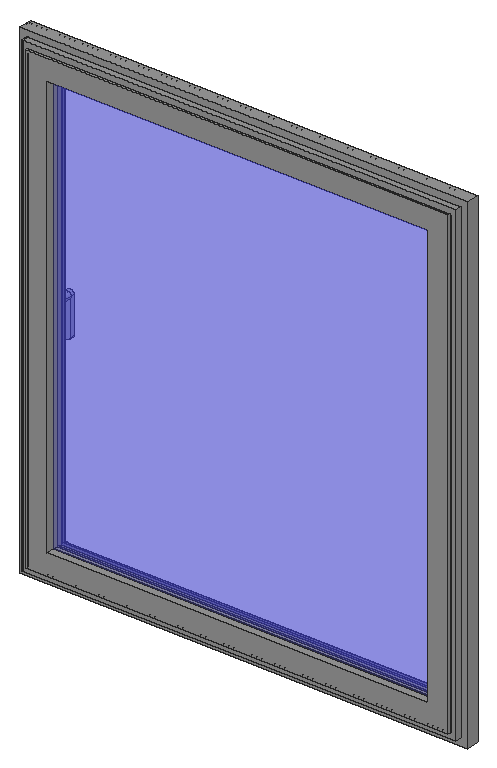
Revit family "Parallel Opening 501.10. 122 - 123", category Windows, Revit 2014
Parameters
  width [instance] = 144.000 cm
  w [instance] = width + 2 * [left/right offset from mullion]  # 147.000 cm
  top/bottom offset from mullion [instance] = 1.500 cm
  left/right offset from mullion [instance] = 1.500 cm
  height [instance] = 158.000 cm
  h [instance] = height + 2 * [top/bottom offset from mullion]  # 161.000 cm
  Opening symbol = no
  Opening angle [instance] = 0.00°
  Handle visibility = yes
  Glass = none
  Frame = none
Reference planes (cm)
  plane 1 "Center (Front/Right)": y = 0
  plane 2: z = 0
  plane 3 "Center (Left/Right)": x = 0
  plane 4 "Left": x = -72
  plane 5 "Right": x = 72
  plane 6 "Top": z = 158
  plane 7: z = 79
  plane 8: z = 159.5
  plane 9: x = -73.5
  plane 10: x = 73.5
  plane 11: z = -1.5
Lines and regions (cm)
  reference lines
    curve 1: line (73.5, 0, 0) -> (-73.5, 0, 0)
    curve 2: line (0, 0, 0) -> (0, 30, 0)
Text (cm)
  text "Exterior" at (-165.4078, 79.7241, 0), in view "Ref. Level"
Dimensions and locks (cm)
  equal spacing: plane 4 "Left", plane 3 "Center (Left/Right)", plane 5 "Right"
  "width": plane 4 "Left" to plane 5 "Right"
  equal spacing: plane 6 "Top", plane 7, plane 2
  "height": plane 6 "Top" to plane 2
  "top/bottom offset from mullion": plane 8 to plane 6 "Top"
  "left/right offset from mullion": plane 9 to plane 4 "Left"
  "left/right offset from mullion": plane 5 "Right" to plane 10
  "top/bottom offset from mullion": plane 2 to plane 11
  equal spacing: curve 1, curve 2, curve 1
  "w": curve 1 to curve 1
  "Opening angle": angle curve 1 to plane 1 "Center (Front/Right)"
  aligned and locked: level to plane 2
  aligned and locked: plane 3 "Center (Left/Right)" to nested 1
  aligned and locked: plane 1 "Center (Front/Right)" to nested 1
  aligned and locked: plane 7 to nested 1
  aligned and locked: plane 10 to curve 1
  aligned and locked: plane 1 "Center (Front/Right)" to curve 1
  aligned and locked: nested 2 to curve 2
  aligned and locked: nested 2 to curve 1
  aligned and locked: plane 7 to nested 2
  aligned and locked: nested 3 to plane 3 "Center (Left/Right)"
  aligned and locked: nested 3 to plane 1 "Center (Front/Right)"
  aligned and locked: plane 7 to nested 4
  aligned and locked: nested 4 to plane 1 "Center (Front/Right)"
Automatic sketch dimensions
  curve 2 to curve 1 = 0.000 cm
  curve 1 to curve 2 = 30.000 cm
Nested families (cm)
  nested 1: "Frame" at (0, 0, -1.5), Frame <- "Frame", w <- "w", h <- "h", type "Frame"
    with w 147.000 cm, h 161.000 cm, Frame none
  nested 2: "Vent" at (0, 0, -1.5), w <- "w", h <- "h", Glass <- "Glass", Frame <- "Frame", Opening symbol <- "Opening symbol", Handle visibility <- "Handle visibility", type "Vent"
    with w 147.000 cm, h 161.000 cm, Opening symbol no, Glass none, Frame none
  nested 3: "501.10. 122 - plan - di - cf" at (0, 0, 0) x (-1, 0, 0) z (0, 0, 1), dist <- "w", type "501.10. 122 - plan - di - cf"
    with dist 147.000 cm
  nested 4: "501.10. 123 - section - di - cf" at (0, 0, 79) x (0, 0, 1) z (1, 0, 0), dist <- "h", type "501.10. 123 - section - di - cf"
    with dist 161.000 cm
Definition of nested family "Frame"
  Parameters (values of type "Frame")
    w [instance] = 180.000 cm
    h [instance] = 153.9328 cm
    Frame [instance] = none
    Default Elevation = 121.920 cm
  Reference planes (cm)
    plane 1 "Center (Front/Back)": y = 0
    plane 2: z = 0
    plane 3 "Center (Left/Right)": x = 0
    plane 4: x = -90
    plane 5: x = 90
    plane 6: z = 153.9328
    plane 7: z = 76.9664
  Forms (cm)
    Sweep 1, solid, material <- "Frame"
      path origin (0, 0, 0) x (1, 0, 0) y (0, 0, 1)
        loop
          line (-90, 153.9328) -> (-90, 0) -> (90, 0) -> (90, 153.9328) -> (-90, 153.9328)
      profile "profile - frame : profile - frame" origin (0, 0, 153.9328) x (0, 0, 1) y (0, -1, 0)
        loop
          line (-0.1002, -1.2132) -> (-2.9073, -1.2132) -> (-3.6732, -1.9279) -> (-3.6732, -3.8184) -> (-2.8854, -4.5332) -> (-2.0166, -4.5332) -> (-2.0166, -3.9891) -> (-0.5528, -3.9891) -> (0.2118, -3.2445) -> (0.2118, -1.5539) -> (-0.1002, -1.2132)
        loop
          line (-3.7543, 2.052) -> (-3.7543, 0.102) -> (-4.2546, 0.102) -> (-4.2546, -1.1581) -> (-4.969, -1.1581) -> (-4.969, -3.0321) -> (-5.469, -3.0321) -> (-5.469, -3.8293) -> (-4.2845, -4.8273) -> (-3.7845, -4.8273) -> (-3.7845, -5.4181) -> (-5.6873, -5.4181) -> (-5.6873, -5.0977) -> (-6.4772, -5.0977) -> (-6.4772, -5.6482) -> (-1.7966, -5.6482) -> (-1.7966, -4.1991) -> (0.4125, -4.1991) -> (0.4354, 0) -> (-1.7747, 0) -> (-1.7747, 2.052) -> (-3.7543, 2.052)
        loop
          line (-1.9947, 1.862) -> (-3.5647, 1.862) -> (-3.5647, -0.9582) -> (-1.9947, -0.9582) -> (-1.9947, 1.862)
  Dimensions and locks (cm)
    equal spacing: plane 5, plane 3 "Center (Left/Right)", plane 4
    "w": plane 5 to plane 4
    equal spacing: plane 6, plane 7, plane 2
    "h": plane 6 to plane 2
    aligned and locked: level to plane 2
    aligned and locked: Sweep 1 sketch curve to plane 6
    aligned and locked: plane 4 to Sweep 1 sketch curve
    aligned and locked: plane 2 to Sweep 1 sketch curve
    aligned and locked: plane 5 to Sweep 1 sketch curve
Definition of nested family "Vent"
  Parameters (values of type "Vent")
    w [instance] = 180.000 cm
    h [instance] = 153.9328 cm
    Opening symbol [instance] = yes
    Handle visibility [instance] = yes
    Glass [instance] = none
    Frame [instance] = none
    Default Elevation = 121.920 cm
  Reference planes (cm)
    plane 1 "Center (Front/Back)": y = 0
    plane 2: z = 0
    plane 3 "Center (Left/Right)": x = 0
    plane 4: x = -90
    plane 5: x = 90
    plane 6: z = 153.9328
    plane 7: z = 76.9664
    plane 8: x = -80.9998
    plane 9: x = 80.9998
    plane 10: y = 3.9991
    plane 11: y = 3.3991
    plane 12: y = 2.1991
    plane 13: y = 1.7991
    plane 14: y = 0.5991
    plane 15: z = 144.9328
    plane 16: z = 9
    plane 17: x = -82.4998
    plane 18: y = 5.0977
  Forms (cm)
    Sweep 1, solid, material <- "Frame"
      path origin (0, 0, 0) x (1, 0, 0) y (0, 0, 1)
        loop
          line (-90, 153.9328) -> (-90, 0) -> (90, 0) -> (90, 153.9328) -> (-90, 153.9328)
      profile "profile - vent : profile - vent" origin (0, 0, 153.9328) x (0, 0, 1) y (0, -1, 0)
        loop
          line (-6.6042, -0.5991) -> (-7.8309, -0.5991) -> (-7.8309, -3.4564) -> (-6.6042, -3.4564) -> (-6.6042, -0.5991)
        loop
          line (-4.3742, 2.702) -> (-4.3742, 2.052) -> (-3.6542, 2.052) -> (-3.6542, 2.852) -> (-10.5042, 2.852) -> (-10.5042, 0.0009) -> (-9.0038, 0.0009) -> (-9.0038, -0.5991) -> (-10.3038, -0.5991) -> (-10.3038, -1.7991) -> (-9.0038, -1.7991) -> (-9.0038, -2.1991) -> (-10.3038, -2.1991) -> (-10.3038, -3.3991) -> (-9.0038, -3.3991) -> (-9.0002, -3.9991) -> (-10.5038, -3.9991) -> (-10.5038, -4.8481) -> (-10.4909, -4.9262) -> (-10.4526, -5.003) -> (-10.3914, -5.0763) -> (-10.3048, -5.1493) -> (-10.1922, -5.2208) -> (-10.0463, -5.2932) -> (-9.9123, -5.3474) -> (-9.727, -5.4091) -> (-9.511, -5.4618) -> (-9.295, -5.5146) -> (-9.067, -5.5505) -> (-8.839, -5.5865) -> (-8.7135, -5.5979) -> (-8.588, -5.6093) -> (-8.3921, -5.6243) -> (-8.1962, -5.6393) -> (-7.9976, -5.6437) -> (-7.799, -5.648) -> (-7.4038, -5.648) -> (-7.4038, -5.0977) -> (-5.6873, -5.0977) -> (-5.6873, -5.4181) -> (-3.7845, -5.4181) -> (-3.7845, -4.8273) -> (-4.2845, -4.8273) -> (-5.469, -3.8293) -> (-5.469, -3.0321) -> (-4.969, -3.0321) -> (-4.969, -2.3069) -> (-5.4209, -2.3069) -> (-5.4209, -0.8882) -> (-6.0042, -0.8882) -> (-6.0042, 2.702) -> (-4.3742, 2.702)
        loop
          line (-6.1742, 2.6769) -> (-7.6342, 2.6769) -> (-7.6342, -0.1731) -> (-6.1742, -0.1731) -> (-6.1742, 2.6769)
    Extrusion 2, solid, material <- "Glass"
      sketch origin (0, 0, 0) x (1, 0, 0) y (0, 0, 1)
        loop
          line (-80.9962, 144.929) -> (-80.9962, 9.0038) -> (80.9962, 9.0038) -> (80.9962, 144.929) -> (-80.9962, 144.929)
      from -3.9991 to -3.3991
    Extrusion 3, solid, material <- "Glass"
      sketch origin (0, 0, 0) x (1, 0, 0) y (0, 0, 1)
        loop
          line (-80.9998, 144.9326) -> (-80.9998, 9.0002) -> (80.9998, 9.0002) -> (80.9998, 144.9326) -> (-80.9998, 144.9326)
      from -2.1991 to -1.7991
    Extrusion 4, solid, material <- "Glass"
      sketch origin (0, 0, 0) x (1, 0, 0) y (0, 0, 1)
        loop
          line (-80.9962, 144.929) -> (-80.9962, 9.0002) -> (80.9998, 9.0002) -> (80.9998, 144.929) -> (-80.9962, 144.929)
      from -0.5991 to 0
  Lines and regions (cm)
    symbolic lines, style "WindowsOpeningProjection", visible <- "Opening symbol"
      curve 1: line (80.9962, 0, 144.929) -> (-80.9962, 0, 76.9664)
      curve 2: line (-80.9962, 0, 76.9664) -> (80.9962, 0, 9.0038)
      curve 3: line (80.9962, 0, 9.0038) -> (0, 0, 144.929)
      curve 4: line (0, 0, 144.929) -> (-80.9962, 0, 9.0038)
  Dimensions and locks (cm)
    equal spacing: plane 5, plane 3 "Center (Left/Right)", plane 4
    "w": plane 5 to plane 4
    equal spacing: plane 6, plane 7, plane 2
    "h": plane 6 to plane 2
    locked: plane 4 to plane 8 at 9.0002
    locked: plane 9 to plane 5 at 9.0002
    locked: plane 1 "Center (Front/Back)" to plane 14 at 0.5991
    locked: plane 1 "Center (Front/Back)" to plane 13 at 1.7991
    locked: plane 1 "Center (Front/Back)" to plane 12 at 2.1991
    locked: plane 1 "Center (Front/Back)" to plane 11 at 3.3991
    locked: plane 1 "Center (Front/Back)" to plane 10 at 3.9991
    locked: plane 6 to plane 15 at 9
    locked: plane 16 to plane 2 at 9
    locked: plane 17 to plane 4 at 7.5002
    locked: plane 1 "Center (Front/Back)" to plane 18 at 5.0977
    aligned and locked: level to plane 2
    aligned and locked: Sweep 1 sketch curve to plane 6
    aligned and locked: plane 4 to Sweep 1 sketch curve
    aligned and locked: plane 2 to Sweep 1 sketch curve
    aligned and locked: plane 5 to Sweep 1 sketch curve
    aligned and locked: Extrusion 2 sketch curve to Sweep 1  (x4)
    aligned and locked: Extrusion 2 to Sweep 1  (x2)
    aligned and locked: Extrusion 3 sketch curve to Sweep 1  (x4)
    aligned and locked: Extrusion 3 to Sweep 1  (x2)
    aligned and locked: Extrusion 4 sketch curve to Sweep 1  (x3)
    aligned and locked: Sweep 1 to Extrusion 4 sketch curve
    aligned and locked: Extrusion 4 to Sweep 1
    aligned and locked: plane 1 "Center (Front/Back)" to Extrusion 4
    aligned and locked: nested 1 to plane 18
    aligned and locked: nested 1 to plane 17
    aligned and locked: plane 7 to nested 1
  Automatic sketch dimensions
    curve 1 to plane 7 = 0.000 cm
    curve 3 to plane 3 "Center (Left/Right)" = 0.000 cm
    plane 8 to curve 2 = 0.0036 cm
    plane 9 to curve 3 = 0.0036 cm
    curve 2 to plane 16 = 0.0038 cm
    plane 8 to curve 4 = 0.0036 cm
    plane 9 to curve 1 = 0.0036 cm
    curve 4 to plane 16 = 0.0038 cm
    curve 4 to plane 15 = 0.0038 cm
    curve 1 to plane 15 = 0.0038 cm
  Nested families (cm)
    nested 1: "handle - opening" at (-82.4998, 5.0977, 76.9664) x (1, 0, 0) z (0, 1, 0), visible <- "Handle visibility", type "-"
  Definition of nested family "handle - opening"
    Parameters (values of type "-")
      Model = "Door handle"  # constant formula
      Manufacturer = "Schueco International KG"  # constant formula
      Handle 2 = not(Handle 1)  # no
      Handle 1 = yes
      Fittings = none
      Familie Erstellungsdatum = "02.2016"  # constant formula
    Reference planes (cm)
      plane 1 "Center (Front/Back)": y = 0
      plane 2: z = 0
      plane 3 "Center (Left/Right)": x = 0
    Forms (cm)
      Extrusion 1, solid, material <- "Fittings", visible <- "Handle 2", detail levels medium+fine
        sketch origin (0, 0, 0) x (1, 0, 0) y (0, 1, 0)
          loop
            arc (-1.1989, -2.4071) -> (0, -3.606) -> (1.1989, -2.4071) r 1.1989
            line (1.1989, -2.4071) -> (1.1989, 0)
            arc (1.1989, 0) -> (0, 1.1989) -> (-1.1989, 0) r 1.1989
            line (-1.1989, 0) -> (-1.1989, -2.4071)
        from 4.35 to 5.55
      Extrusion 2, solid, material <- "Fittings", visible <- "Handle 2", detail levels medium+fine
        sketch origin (0, 0, -2.0829) x (1, 0, 0) y (0, 1, 0)
          loop
            circle (0, 0) r 1.1989
        from 3.4829 to 6.4328
      Extrusion 3, solid, material <- "Fittings", visible <- "Handle 2", detail levels medium+fine
        sketch origin (0, 0, 0) x (1, 0, 0) y (0, 1, 0)
          loop
            arc (-1.625, -1.875) -> (0, -3.5) -> (1.625, -1.875) r 1.625
            line (1.625, -1.875) -> (1.625, 1.875)
            arc (1.625, 1.875) -> (0, 3.5) -> (-1.625, 1.875) r 1.625
            line (-1.625, 1.875) -> (-1.625, -1.875)
        from 0 to 1.4
      Extrusion 4, solid, material <- "Fittings", visible <- "Handle 1", detail levels medium+fine
        sketch origin (0, 0, 0) x (1, 0, 0) y (0, 1, 0)
          loop
            spline (-1.1989, -12.1662) -> (-1.158, -12.3708) -> (-1.0382, -12.5614) -> (-0.8477, -12.7252) -> (-0.5994, -12.8508) -> (-0.3103, -12.9298) -> (0, -12.9567) -> (0.3103, -12.9298) -> (0.5994, -12.8508) -> (0.8477, -12.7252) -> (1.0382, -12.5614) -> (1.158, -12.3708) -> (1.1989, -12.1662)
            line (1.1989, -12.1662) -> (1.1989, 0)
            arc (1.1989, 0) -> (0, 1.1989) -> (-1.1989, 0) r 1.1989
            line (-1.1989, 0) -> (-1.1989, -12.1662)
        from 4.35 to 5.6
      Extrusion 5, solid, material <- "Fittings", visible <- "Handle 1", detail levels medium+fine
        sketch origin (0, 0, -2.0829) x (1, 0, 0) y (0, 1, 0)
          loop
            circle (0, 0) r 1.1989
        from 2.0829 to 6.4328
    Cuts and joins
      joined: Extrusion 1, Extrusion 2
      joined: Extrusion 4, Extrusion 5
    Dimensions and locks (cm)
      aligned and locked: level to plane 2
Definition of nested family "501.10. 122 - plan - di - cf"
  Parameters (values of type "501.10. 122 - plan - di - cf")
    dist [instance] = 122.3025 cm
  Reference planes (cm)
    plane 1 "Center (Front/Back)": y = 0
    plane 2: z = 0
    plane 3 "Center (Left/Right)": x = 0
    plane 4: x = -61.1513
    plane 5: x = 61.1513
    plane 6: x = -59.3766
    plane 7: x = -49.7874
    plane 8: x = 59.3766
    plane 9: x = 49.7874
    plane 10: y = 2.852
    plane 11: y = -5.648
  Lines and regions (cm)
    Masking region 1, in view "Ref. Level", detail levels coarse+fine
      outline origin (0, 0, 0) x (1, 0, 0) y (0, 1, 0)
        loop
          line (-59.3766, 2.852) -> (-59.3766, 0) -> (-61.5831, 0) -> (-61.5831, -4.1991) -> (-59.3546, -4.1991) -> (-59.3546, -5.648) -> (59.3546, -5.648) -> (59.3546, -4.1991) -> (61.5831, -4.1991) -> (61.5831, 0) -> (59.3766, 0) -> (59.3766, 2.852) -> (-59.3766, 2.852)
    detail lines, in view "Ref. Level", detail levels fine
      curve 1: line (-49.7874, 2.852, 0) -> (49.7874, 2.852, 0)
      curve 2: line (-49.7874, 0.442, 0) -> (49.7874, 0.442, 0)
      curve 3: line (-49.7874, 0, 0) -> (49.7874, 0, 0)
      curve 4: line (-49.7874, -0.1991, 0) -> (49.7874, -0.1991, 0)
      curve 5: line (-49.7874, -0.3991, 0) -> (49.7874, -0.3991, 0)
      curve 6: line (-49.7874, -0.5991, 0) -> (49.7874, -0.5991, 0)
      curve 7: line (-49.7874, -1.7991, 0) -> (49.7874, -1.7991, 0)
      curve 8: line (-49.7874, -1.9991, 0) -> (49.7874, -1.9991, 0)
      curve 9: line (-49.7874, -2.1991, 0) -> (49.7874, -2.1991, 0)
      curve 10: line (-49.7874, -3.3991, 0) -> (49.7874, -3.3991, 0)
      curve 11: line (-49.7874, -3.5991, 0) -> (49.7874, -3.5991, 0)
      curve 12: line (-49.7874, -3.7991, 0) -> (49.7874, -3.7991, 0)
      curve 13: line (-49.7874, -3.9991, 0) -> (49.7874, -3.9991, 0)
      curve 14: line (-49.7874, -4.4908, 0) -> (49.7874, -4.4908, 0)
      curve 15: line (-49.7874, -4.8481, 0) -> (49.7874, -4.8481, 0)
      curve 16: line (-49.7874, -5.1493, 0) -> (49.7874, -5.1493, 0)
      curve 17: line (-49.7874, -5.648, 0) -> (49.7874, -5.648, 0)
  Dimensions and locks (cm)
    equal spacing: plane 4, plane 3 "Center (Left/Right)", plane 5
    "dist": plane 4 to plane 5
    locked: plane 8 to plane 5 at 1.7747
    locked: plane 9 to plane 5 at 11.3639
    locked: plane 4 to plane 6 at 1.7747
    locked: plane 4 to plane 7 at 11.3639
    locked: plane 1 "Center (Front/Back)" to plane 10 at 2.852
    locked: plane 11 to plane 1 "Center (Front/Back)" at 5.648
    aligned and locked: plane 7 to curve 17
    aligned and locked: plane 7 to curve 16
    aligned and locked: plane 7 to curve 15
    aligned and locked: plane 7 to curve 14
    aligned and locked: plane 7 to curve 13
    aligned and locked: plane 7 to curve 12
    aligned and locked: plane 7 to curve 11
    aligned and locked: plane 7 to curve 10
    aligned and locked: plane 7 to curve 9
    aligned and locked: plane 7 to curve 8
    aligned and locked: plane 7 to curve 7
    aligned and locked: plane 7 to curve 6
    aligned and locked: plane 7 to curve 5
    aligned and locked: plane 7 to curve 4
    aligned and locked: plane 7 to curve 3
    aligned and locked: plane 7 to curve 2
    aligned and locked: plane 7 to curve 1
    aligned and locked: plane 9 to curve 1
    aligned and locked: plane 9 to curve 2
    aligned and locked: plane 9 to curve 5
    aligned and locked: plane 9 to curve 6
    aligned and locked: plane 9 to curve 4
    aligned and locked: plane 9 to curve 3
    aligned and locked: plane 9 to curve 7
    aligned and locked: plane 9 to curve 9
    aligned and locked: plane 9 to curve 8
    aligned and locked: plane 9 to curve 10
    aligned and locked: plane 9 to curve 11
    aligned and locked: plane 9 to curve 12
    aligned and locked: plane 9 to curve 13
    aligned and locked: plane 9 to curve 14
    aligned and locked: plane 9 to curve 15
    aligned and locked: plane 9 to curve 16
    aligned and locked: plane 9 to curve 17
    aligned and locked: plane 10 to import instance
    aligned and locked: plane 6 to import instance
    aligned and locked: import instance to plane 10
    aligned and locked: import instance to plane 8
    aligned and locked: Masking region 1 sketch curve to curve 1
    aligned and locked: Masking region 1 sketch curve to curve 17
    aligned and locked: Masking region 1 sketch curve to import instance  (x10)
  Automatic sketch dimensions
    plane 1 "Center (Front/Back)" to curve 3 = 0.000 cm
    plane 11 to curve 17 = 0.000 cm
    plane 10 to curve 1 = 0.000 cm
    curve 17 to curve 16 = 0.4988 cm
    curve 16 to curve 15 = 0.3011 cm
    curve 15 to curve 14 = 0.3573 cm
    curve 14 to curve 13 = 0.4918 cm
    curve 13 to curve 12 = 0.200 cm
    curve 12 to curve 11 = 0.200 cm
    curve 11 to curve 10 = 0.200 cm
    curve 10 to curve 9 = 1.200 cm
    curve 9 to curve 8 = 0.200 cm
    curve 8 to curve 7 = 0.200 cm
    curve 6 to curve 3 = 0.5991 cm
    curve 6 to curve 5 = 0.200 cm
    curve 4 to curve 3 = 0.1991 cm
    curve 2 to plane 1 "Center (Front/Back)" = 0.442 cm
Definition of nested family "501.10. 123 - section - di - cf"
  Parameters (values of type "501.10. 123 - section - di - cf")
    dist [instance] = 122.3025 cm
  Reference planes (cm)
    plane 1 "Center (Front/Back)": y = 0
    plane 2: z = 0
    plane 3 "Center (Left/Right)": x = 0
    plane 4: x = -61.1513
    plane 5: x = 61.1513
    plane 6: x = -59.3766
    plane 7: x = -49.7874
    plane 8: x = 59.3766
    plane 9: x = 49.7874
    plane 10: y = 2.852
    plane 11: y = -5.648
  Lines and regions (cm)
    Masking region 1, in view "Ref. Level", detail levels coarse+fine
      outline origin (0, 0, 0) x (1, 0, 0) y (0, 1, 0)
        loop
          line (-59.3766, 2.852) -> (-59.3766, 0) -> (-61.5831, 0) -> (-61.5831, -4.1991) -> (-59.3546, -4.1991) -> (-59.3546, -5.648) -> (59.3546, -5.648) -> (59.3546, -4.1991) -> (61.5831, -4.1991) -> (61.5831, 0) -> (59.3766, 0) -> (59.3766, 2.852) -> (-59.3766, 2.852)
    detail lines, in view "Ref. Level", detail levels fine
      curve 1: line (-49.7874, 2.852, 0) -> (49.7874, 2.852, 0)
      curve 2: line (-49.7874, 0.442, 0) -> (49.7874, 0.442, 0)
      curve 3: line (-49.7874, 0, 0) -> (49.7874, 0, 0)
      curve 4: line (-49.7874, -0.1991, 0) -> (49.7874, -0.1991, 0)
      curve 5: line (-49.7874, -0.3991, 0) -> (49.7874, -0.3991, 0)
      curve 6: line (-49.7874, -0.5991, 0) -> (49.7874, -0.5991, 0)
      curve 7: line (-49.7874, -1.7991, 0) -> (49.7874, -1.7991, 0)
      curve 8: line (-49.7874, -1.9991, 0) -> (49.7874, -1.9991, 0)
      curve 9: line (-49.7874, -2.1991, 0) -> (49.7874, -2.1991, 0)
      curve 10: line (-49.7874, -3.3991, 0) -> (49.7874, -3.3991, 0)
      curve 11: line (-49.7874, -3.5991, 0) -> (49.7874, -3.5991, 0)
      curve 12: line (-49.7874, -3.7991, 0) -> (49.7874, -3.7991, 0)
      curve 13: line (-49.7874, -3.9991, 0) -> (49.7874, -3.9991, 0)
      curve 14: line (-49.7874, -4.4908, 0) -> (49.7874, -4.4908, 0)
      curve 15: line (-49.7874, -4.8481, 0) -> (49.7874, -4.8481, 0)
      curve 16: line (-49.7874, -5.1493, 0) -> (49.7874, -5.1493, 0)
      curve 17: line (-49.7874, -5.648, 0) -> (49.7874, -5.648, 0)
  Dimensions and locks (cm)
    equal spacing: plane 4, plane 3 "Center (Left/Right)", plane 5
    "dist": plane 4 to plane 5
    locked: plane 8 to plane 5 at 1.7747
    locked: plane 9 to plane 5 at 11.3639
    locked: plane 4 to plane 6 at 1.7747
    locked: plane 4 to plane 7 at 11.3639
    locked: plane 1 "Center (Front/Back)" to plane 10 at 2.852
    locked: plane 11 to plane 1 "Center (Front/Back)" at 5.648
    aligned and locked: plane 7 to curve 17
    aligned and locked: plane 7 to curve 16
    aligned and locked: plane 7 to curve 15
    aligned and locked: plane 7 to curve 14
    aligned and locked: plane 7 to curve 13
    aligned and locked: plane 7 to curve 12
    aligned and locked: plane 7 to curve 11
    aligned and locked: plane 7 to curve 10
    aligned and locked: plane 7 to curve 9
    aligned and locked: plane 7 to curve 8
    aligned and locked: plane 7 to curve 7
    aligned and locked: plane 7 to curve 6
    aligned and locked: plane 7 to curve 5
    aligned and locked: plane 7 to curve 4
    aligned and locked: plane 7 to curve 3
    aligned and locked: plane 7 to curve 2
    aligned and locked: plane 7 to curve 1
    aligned and locked: plane 9 to curve 1
    aligned and locked: plane 9 to curve 2
    aligned and locked: plane 9 to curve 5
    aligned and locked: plane 9 to curve 6
    aligned and locked: plane 9 to curve 4
    aligned and locked: plane 9 to curve 3
    aligned and locked: plane 9 to curve 7
    aligned and locked: plane 9 to curve 9
    aligned and locked: plane 9 to curve 8
    aligned and locked: plane 9 to curve 10
    aligned and locked: plane 9 to curve 11
    aligned and locked: plane 9 to curve 12
    aligned and locked: plane 9 to curve 13
    aligned and locked: plane 9 to curve 14
    aligned and locked: plane 9 to curve 15
    aligned and locked: plane 9 to curve 16
    aligned and locked: plane 9 to curve 17
    aligned and locked: Masking region 1 sketch curve to curve 1
    aligned and locked: Masking region 1 sketch curve to curve 17
    aligned and locked: plane 6 to import instance
    aligned and locked: plane 10 to import instance
    aligned and locked: import instance to plane 8
    aligned and locked: import instance to plane 10
  Automatic sketch dimensions
    plane 1 "Center (Front/Back)" to curve 3 = 0.000 cm
    plane 11 to curve 17 = 0.000 cm
    plane 10 to curve 1 = 0.000 cm
    curve 17 to curve 16 = 0.4988 cm
    curve 16 to curve 15 = 0.3011 cm
    curve 15 to curve 14 = 0.3573 cm
    curve 14 to curve 13 = 0.4918 cm
    curve 13 to curve 12 = 0.200 cm
    curve 12 to curve 11 = 0.200 cm
    curve 11 to curve 10 = 0.200 cm
    curve 10 to curve 9 = 1.200 cm
    curve 9 to curve 8 = 0.200 cm
    curve 8 to curve 7 = 0.200 cm
    curve 6 to curve 3 = 0.5991 cm
    curve 6 to curve 5 = 0.200 cm
    curve 4 to curve 3 = 0.1991 cm
    curve 2 to plane 1 "Center (Front/Back)" = 0.442 cm
    plane 1 "Center (Front/Back)" to Masking region 1 sketch curve = 0.000 cm  (x2)
    Masking region 1 sketch curve to plane 6 = 0.000 cm
    Masking region 1 sketch curve to plane 4 = 0.4318 cm
    Masking region 1 sketch curve to plane 6 = 0.0219 cm
    Masking region 1 sketch curve to plane 11 = 1.4489 cm
    Masking region 1 sketch curve to plane 8 = 0.000 cm
    Masking region 1 sketch curve to plane 8 = 0.0219 cm
    Masking region 1 sketch curve to plane 5 = 0.4318 cm
    Masking region 1 sketch curve to Masking region 1 sketch curve = 1.4489 cm
